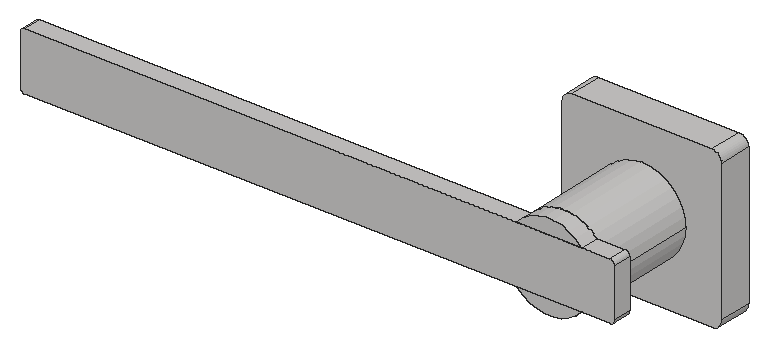
Revit family "SA-2504", category Plumbing Fixtures, host Wall, Revit 2023
Family settings
  Host = Wall
  Round Connector Dimension = Use Diameter
  Part Type = Normal
  OmniClass Number = 23.45.00.00
  OmniClass Title = Sanitary, Laundry, and Cleaning Equipment
  Enable Cutting in Views = No
  Always vertical = Yes
  Cut with Voids When Loaded = No
  Maintain Annotation Orientation = No
  Shared = No
  Room Calculation Point = No
Parameters
  Default Elevation = 0"
Reference planes (in)
  plane 1: y = 0
  plane 2 "Center (Left/Right)": x = -0.47711
  plane 3 "Back": y = 3
  plane 4 "2": x = 4.77289
  plane 5 "3": x = -5.72711
  plane 6: x = 4.14789
  plane 7: x = 2.64789
Forms (in)
  Extrusion 1, solid, material "stainless steel"
    sketch origin (-0.47711, -5.5625, 0) x (-1, 0, 0) y (0, 0, -1)
      loop
        line (-5.08544, -2.75) -> (-2.66456, -2.75)
        arc (-2.66456, -2.75) -> (-2.5482, -2.7018) -> (-2.5, -2.58544) r 0.16456
        line (-2.5, -2.58544) -> (-2.5, -0.16456)
        arc (-2.5, -0.16456) -> (-2.5482, -0.0482) -> (-2.66456, 0) r 0.16456
        line (-2.66456, 0) -> (-5.08544, 0)
        arc (-5.08544, 0) -> (-5.2018, -0.0482) -> (-5.25, -0.16456) r 0.16456
        line (-5.25, -0.16456) -> (-5.25, -2.58544)
        arc (-5.25, -2.58544) -> (-5.2018, -2.7018) -> (-5.08544, -2.75) r 0.16456
    from -2.5625 to -1.98956
  Extrusion 2, solid, material "stainless steel"
    sketch origin (-0.47711, -5.5625, 0) x (-1, 0, 0) y (0, 0, -1)
      loop
        circle (-3.875, -1.375) r 0.75
    from -1.98956 to -0.3125
  Extrusion 3, solid, material "stainless steel"
    sketch origin (-0.47711, -5.5625, 0) x (-1, 0, 0) y (0, 0, -1)
      loop
        line (-4.92044, -1.875) -> (5.17044, -1.875)
        arc (5.17044, -1.875) -> (5.2267, -1.8517) -> (5.25, -1.79544) r 0.07956
        line (5.25, -1.79544) -> (5.25, -0.95456)
        arc (5.25, -0.95456) -> (5.2267, -0.8983) -> (5.17044, -0.875) r 0.07956
        line (5.17044, -0.875) -> (-4.92044, -0.875)
        arc (-4.92044, -0.875) -> (-4.9767, -0.8983) -> (-5, -0.95456) r 0.07956
        line (-5, -0.95456) -> (-5, -1.79544)
        arc (-5, -1.79544) -> (-4.9767, -1.8517) -> (-4.92044, -1.875) r 0.07956
    from -0.3125 to 0
  Extrusion 4, solid, material "stainless steel"
    sketch origin (-0.47711, -5.5625, 0) x (-1, 0, 0) y (0, 0, -1)
      loop
        line (-3.31598, -1.875) -> (-4.43402, -1.875)
        arc (-4.43402, -1.875) -> (-3.875, -2.125) -> (-3.31598, -1.875) r 0.75
    from -0.3125 to 0
  Extrusion 5, solid, material "stainless steel"
    sketch origin (-0.47711, -5.5625, 0) x (-1, 0, 0) y (0, 0, -1)
      loop
        line (-4.43402, -0.875) -> (-3.31598, -0.875)
        arc (-3.31598, -0.875) -> (-3.875, -0.625) -> (-4.43402, -0.875) r 0.75
    from -0.3125 to 0
Text (in)
  text "Placement Side" at (0, 40.15149, 123.01588), in view "Right"
  text "Placement Side" at (-70.3804, 45.82615, 0), in view "Ref. Level"
  text "Placement Side" at (0, 47.49176, 113.10569), in view "Left"
Dimensions and locks (in)
  locked: plane 3 "Back" to host wall
  Extrusion 1 to Extrusion 3 = 10 1/2"
  Extrusion 1 to Extrusion 1 = 2 3/4"  (x2)
  Extrusion 3 to Extrusion 3 = 10 1/4"
  Extrusion 3 to Extrusion 3 = 1"
  Extrusion 1 to Extrusion 4 = 2 9/16"
  plane 7 to plane 6 = 1 1/2"
  Extrusion 3 to Extrusion 3 = 5/16"
